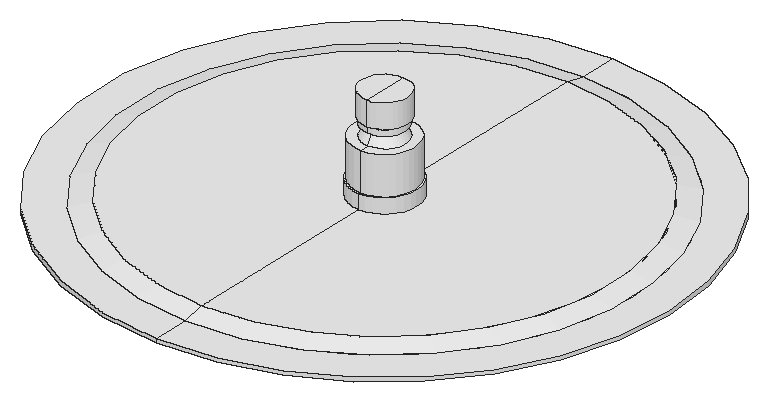
Revit family "ShowerHead-18Lmin-Vitra-LiteLSSeries-A45674", category Plumbing Fixtures, Revit 2017 (continued)
Automatic sketch dimensions
  Extrusion 108 sketch curve to plane 5 = 66.447 mm
  Extrusion 109 sketch curve to plane 1 "Center (Front/Back)" = 51.05 mm
  Extrusion 109 sketch curve to plane 5 = 56.241 mm
  Extrusion 110 sketch curve to plane 1 "Center (Front/Back)" = 34.938 mm
  Extrusion 110 sketch curve to plane 5 = 48.718 mm
  Extrusion 111 sketch curve to plane 1 "Center (Front/Back)" = 17.764 mm
  Extrusion 111 sketch curve to plane 5 = 44.107 mm
  Extrusion 112 sketch curve to plane 1 "Center (Front/Back)" = 0.05 mm
  Extrusion 112 sketch curve to plane 5 = 42.548 mm
  plane 1 "Center (Front/Back)" to Extrusion 113 sketch curve = 17.666 mm
  Extrusion 113 sketch curve to plane 5 = 44.09 mm
  plane 1 "Center (Front/Back)" to Extrusion 114 sketch curve = 34.844 mm
  Extrusion 114 sketch curve to plane 5 = 48.684 mm
  plane 1 "Center (Front/Back)" to Extrusion 115 sketch curve = 50.964 mm
  Extrusion 115 sketch curve to plane 5 = 56.191 mm
  plane 1 "Center (Front/Back)" to Extrusion 116 sketch curve = 65.536 mm
  Extrusion 116 sketch curve to plane 5 = 66.383 mm
  Extrusion 117 sketch curve to plane 3 "Center (Left/Right)" = 65.612 mm
  plane 8 to Extrusion 117 sketch curve = 71.884 mm
  Extrusion 118 sketch curve to plane 3 "Center (Left/Right)" = 51.05 mm
  plane 8 to Extrusion 118 sketch curve = 61.678 mm
  Extrusion 119 sketch curve to plane 3 "Center (Left/Right)" = 34.938 mm
  plane 8 to Extrusion 119 sketch curve = 54.155 mm
  Extrusion 120 sketch curve to plane 3 "Center (Left/Right)" = 17.764 mm
  plane 8 to Extrusion 120 sketch curve = 49.544 mm
  Extrusion 121 sketch curve to plane 3 "Center (Left/Right)" = 0.05 mm
  plane 8 to Extrusion 121 sketch curve = 47.985 mm
  plane 3 "Center (Left/Right)" to Extrusion 122 sketch curve = 17.666 mm
  plane 8 to Extrusion 122 sketch curve = 49.527 mm
  plane 3 "Center (Left/Right)" to Extrusion 123 sketch curve = 34.844 mm
  plane 8 to Extrusion 123 sketch curve = 54.121 mm
  plane 3 "Center (Left/Right)" to Extrusion 124 sketch curve = 50.964 mm
  plane 8 to Extrusion 124 sketch curve = 61.628 mm
  plane 3 "Center (Left/Right)" to Extrusion 125 sketch curve = 65.536 mm
  plane 8 to Extrusion 125 sketch curve = 71.82 mm
  plane 1 "Center (Front/Back)" to Extrusion 126 sketch curve = 65.612 mm
  plane 6 to Extrusion 126 sketch curve = 77.321 mm
  plane 1 "Center (Front/Back)" to Extrusion 127 sketch curve = 51.05 mm
  plane 6 to Extrusion 127 sketch curve = 67.115 mm
  plane 1 "Center (Front/Back)" to Extrusion 128 sketch curve = 34.938 mm
  plane 6 to Extrusion 128 sketch curve = 59.592 mm
  Extrusion 129 sketch curve to plane 1 "Center (Front/Back)" = 8.831 mm
  plane 6 to Extrusion 129 sketch curve = 36.786 mm
  plane 1 "Center (Front/Back)" to Extrusion 130 sketch curve = 8.951 mm
  plane 6 to Extrusion 130 sketch curve = 36.795 mm
  Extrusion 131 sketch curve to plane 1 "Center (Front/Back)" = 26.417 mm
  plane 6 to Extrusion 131 sketch curve = 39.427 mm
  Extrusion 132 sketch curve to plane 1 "Center (Front/Back)" = 43.412 mm
  plane 6 to Extrusion 132 sketch curve = 44.66 mm
  plane 6 to Extrusion 133 sketch curve = 52.368 mm
  Extrusion 133 sketch curve to plane 1 "Center (Front/Back)" = 59.438 mm
  plane 6 to Extrusion 134 sketch curve = 62.378 mm
  Extrusion 134 sketch curve to plane 1 "Center (Front/Back)" = 74.135 mm
  Extrusion 135 sketch curve to plane 7 = 62.823 mm
  plane 6 to Extrusion 135 sketch curve = 74.466 mm
  Extrusion 136 sketch curve to plane 7 = 51.729 mm
  plane 3 "Center (Left/Right)" to Extrusion 136 sketch curve = 67.073 mm
  Extrusion 137 sketch curve to plane 7 = 42.829 mm
  plane 3 "Center (Left/Right)" to Extrusion 137 sketch curve = 51.677 mm
  plane 3 "Center (Left/Right)" to Extrusion 138 sketch curve = 35.127 mm
  Extrusion 138 sketch curve to plane 7 = 36.324 mm
  plane 3 "Center (Left/Right)" to Extrusion 139 sketch curve = 17.792 mm
  Extrusion 139 sketch curve to plane 7 = 32.359 mm
  plane 3 "Center (Left/Right)" to Extrusion 140 sketch curve = 0.06 mm
  Extrusion 140 sketch curve to plane 7 = 31.021 mm
  Extrusion 141 sketch curve to plane 3 "Center (Left/Right)" = 17.673 mm
  Extrusion 141 sketch curve to plane 7 = 32.341 mm
  Extrusion 142 sketch curve to plane 3 "Center (Left/Right)" = 35.012 mm
  Extrusion 142 sketch curve to plane 7 = 36.289 mm
  Extrusion 143 sketch curve to plane 7 = 42.777 mm
  Extrusion 143 sketch curve to plane 3 "Center (Left/Right)" = 51.569 mm
  Extrusion 144 sketch curve to plane 7 = 51.661 mm
  Extrusion 144 sketch curve to plane 3 "Center (Left/Right)" = 66.974 mm
  Extrusion 145 sketch curve to plane 7 = 62.741 mm
  Extrusion 145 sketch curve to plane 5 = 63.681 mm
  Extrusion 146 sketch curve to plane 5 = 51.579 mm
  Extrusion 146 sketch curve to plane 1 "Center (Front/Back)" = 74.229 mm
  Extrusion 147 sketch curve to plane 5 = 41.554 mm
  Extrusion 147 sketch curve to plane 1 "Center (Front/Back)" = 59.542 mm
  Extrusion 148 sketch curve to plane 5 = 33.83 mm
  Extrusion 148 sketch curve to plane 1 "Center (Front/Back)" = 43.524 mm
  Extrusion 149 sketch curve to plane 1 "Center (Front/Back)" = 26.534 mm
  Extrusion 149 sketch curve to plane 5 = 28.58 mm
  Extrusion 150 sketch curve to plane 1 "Center (Front/Back)" = 8.951 mm
  Extrusion 150 sketch curve to plane 5 = 25.921 mm
  plane 1 "Center (Front/Back)" to Extrusion 151 sketch curve = 8.831 mm
  Extrusion 151 sketch curve to plane 5 = 25.912 mm
  plane 1 "Center (Front/Back)" to Extrusion 152 sketch curve = 26.417 mm
  Extrusion 152 sketch curve to plane 5 = 28.553 mm
  Extrusion 153 sketch curve to plane 5 = 33.786 mm
  plane 1 "Center (Front/Back)" to Extrusion 153 sketch curve = 43.412 mm
  Extrusion 154 sketch curve to plane 5 = 41.494 mm
  plane 1 "Center (Front/Back)" to Extrusion 154 sketch curve = 59.438 mm
  Extrusion 155 sketch curve to plane 5 = 51.504 mm
  plane 1 "Center (Front/Back)" to Extrusion 155 sketch curve = 74.135 mm
  plane 8 to Extrusion 156 sketch curve = 62.823 mm
  Extrusion 156 sketch curve to plane 5 = 63.592 mm
  plane 8 to Extrusion 157 sketch curve = 51.729 mm
  Extrusion 157 sketch curve to plane 3 "Center (Left/Right)" = 67.073 mm
  plane 8 to Extrusion 158 sketch curve = 42.829 mm
  Extrusion 158 sketch curve to plane 3 "Center (Left/Right)" = 51.677 mm
  Extrusion 159 sketch curve to plane 3 "Center (Left/Right)" = 35.127 mm
  plane 8 to Extrusion 159 sketch curve = 36.324 mm
  Extrusion 160 sketch curve to plane 3 "Center (Left/Right)" = 17.792 mm
  plane 8 to Extrusion 160 sketch curve = 32.359 mm
  Extrusion 161 sketch curve to plane 3 "Center (Left/Right)" = 0.06 mm
  plane 8 to Extrusion 161 sketch curve = 31.021 mm
  plane 3 "Center (Left/Right)" to Extrusion 162 sketch curve = 17.673 mm
  plane 8 to Extrusion 162 sketch curve = 32.341 mm
  plane 3 "Center (Left/Right)" to Extrusion 163 sketch curve = 35.012 mm
  plane 8 to Extrusion 163 sketch curve = 36.289 mm
  plane 8 to Extrusion 164 sketch curve = 42.777 mm
  plane 3 "Center (Left/Right)" to Extrusion 164 sketch curve = 51.569 mm
  plane 8 to Extrusion 165 sketch curve = 51.661 mm
  plane 3 "Center (Left/Right)" to Extrusion 165 sketch curve = 66.974 mm
  plane 8 to Extrusion 166 sketch curve = 62.741 mm
  plane 6 to Extrusion 166 sketch curve = 74.555 mm
  plane 6 to Extrusion 167 sketch curve = 62.453 mm
  plane 1 "Center (Front/Back)" to Extrusion 167 sketch curve = 74.229 mm
  plane 6 to Extrusion 168 sketch curve = 52.428 mm
  plane 1 "Center (Front/Back)" to Extrusion 168 sketch curve = 59.542 mm
  plane 1 "Center (Front/Back)" to Extrusion 169 sketch curve = 43.524 mm
  plane 6 to Extrusion 169 sketch curve = 44.704 mm
  plane 1 "Center (Front/Back)" to Extrusion 170 sketch curve = 26.534 mm
  plane 6 to Extrusion 170 sketch curve = 39.454 mm
  plane 1 "Center (Front/Back)" to Extrusion 171 sketch curve = 0 mm
  Extrusion 171 sketch curve to plane 3 "Center (Left/Right)" = 0 mm
  radius of Extrusion 2 sketch curve = 4.013 mm
  radius of Extrusion 3 sketch curve = 4.013 mm
  radius of Extrusion 4 sketch curve = 4.013 mm
  radius of Extrusion 5 sketch curve = 4.013 mm
  radius of Extrusion 6 sketch curve = 4.013 mm
  radius of Extrusion 7 sketch curve = 4.013 mm
  radius of Extrusion 8 sketch curve = 4.013 mm
  radius of Extrusion 9 sketch curve = 4.013 mm
  radius of Extrusion 10 sketch curve = 4.013 mm
  radius of Extrusion 11 sketch curve = 4.013 mm
  radius of Extrusion 12 sketch curve = 4.013 mm
  radius of Extrusion 13 sketch curve = 4.013 mm
  radius of Extrusion 14 sketch curve = 4.013 mm
  radius of Extrusion 15 sketch curve = 4.013 mm
  radius of Extrusion 16 sketch curve = 4.013 mm
  radius of Extrusion 17 sketch curve = 4.013 mm
  radius of Extrusion 18 sketch curve = 4.013 mm
  radius of Extrusion 19 sketch curve = 4.013 mm
  radius of Extrusion 20 sketch curve = 4.013 mm
  radius of Extrusion 21 sketch curve = 4.013 mm
  radius of Extrusion 22 sketch curve = 4.013 mm
  radius of Extrusion 23 sketch curve = 4.013 mm
  radius of Extrusion 24 sketch curve = 4.013 mm
  radius of Extrusion 25 sketch curve = 4.013 mm
  radius of Extrusion 26 sketch curve = 4.013 mm
  radius of Extrusion 27 sketch curve = 4.013 mm
  radius of Extrusion 28 sketch curve = 4.013 mm
  radius of Extrusion 29 sketch curve = 4.013 mm
  radius of Extrusion 30 sketch curve = 4.013 mm
  radius of Extrusion 31 sketch curve = 4.013 mm
  radius of Extrusion 32 sketch curve = 4.013 mm
  radius of Extrusion 33 sketch curve = 4.013 mm
  radius of Extrusion 34 sketch curve = 4.013 mm
  radius of Extrusion 35 sketch curve = 4.013 mm
  radius of Extrusion 36 sketch curve = 4.013 mm
  radius of Extrusion 37 sketch curve = 4.013 mm
  radius of Extrusion 38 sketch curve = 4.013 mm
  radius of Extrusion 39 sketch curve = 4.013 mm
  radius of Extrusion 40 sketch curve = 4.013 mm
  radius of Extrusion 41 sketch curve = 4.013 mm
  radius of Extrusion 42 sketch curve = 4.013 mm
  radius of Extrusion 43 sketch curve = 4.013 mm
  radius of Extrusion 44 sketch curve = 4.013 mm
  radius of Extrusion 45 sketch curve = 4.013 mm
  radius of Extrusion 46 sketch curve = 4.013 mm
  radius of Extrusion 47 sketch curve = 4.013 mm
  radius of Extrusion 48 sketch curve = 4.013 mm
  radius of Extrusion 49 sketch curve = 4.013 mm
  radius of Extrusion 50 sketch curve = 4.013 mm
  radius of Extrusion 51 sketch curve = 4.013 mm
  radius of Extrusion 52 sketch curve = 4.013 mm
  radius of Extrusion 53 sketch curve = 4.013 mm
  radius of Extrusion 54 sketch curve = 4.013 mm
  radius of Extrusion 55 sketch curve = 4.013 mm
  radius of Extrusion 56 sketch curve = 4.013 mm
  radius of Extrusion 57 sketch curve = 4.013 mm
  radius of Extrusion 58 sketch curve = 4.013 mm
  radius of Extrusion 59 sketch curve = 4.013 mm
  radius of Extrusion 60 sketch curve = 4.013 mm
  radius of Extrusion 61 sketch curve = 4.013 mm
  radius of Extrusion 62 sketch curve = 4.013 mm
  radius of Extrusion 63 sketch curve = 4.013 mm
  radius of Extrusion 64 sketch curve = 4.013 mm
  radius of Extrusion 65 sketch curve = 4.013 mm
  radius of Extrusion 66 sketch curve = 4.013 mm
  radius of Extrusion 67 sketch curve = 4.013 mm
  radius of Extrusion 68 sketch curve = 4.013 mm
  radius of Extrusion 69 sketch curve = 4.013 mm
  radius of Extrusion 70 sketch curve = 4.013 mm
  radius of Extrusion 71 sketch curve = 4.013 mm
  radius of Extrusion 72 sketch curve = 4.013 mm
  radius of Extrusion 73 sketch curve = 4.013 mm
  radius of Extrusion 74 sketch curve = 4.013 mm
  radius of Extrusion 75 sketch curve = 4.013 mm
  radius of Extrusion 76 sketch curve = 4.013 mm
  radius of Extrusion 77 sketch curve = 4.013 mm
  radius of Extrusion 78 sketch curve = 4.013 mm
  radius of Extrusion 79 sketch curve = 4.013 mm
  radius of Extrusion 80 sketch curve = 4.013 mm
  radius of Extrusion 81 sketch curve = 4.013 mm
  radius of Extrusion 82 sketch curve = 4.013 mm
  radius of Extrusion 83 sketch curve = 4.013 mm
  radius of Extrusion 84 sketch curve = 4.013 mm
  radius of Extrusion 85 sketch curve = 4.013 mm
  radius of Extrusion 86 sketch curve = 4.013 mm
  radius of Extrusion 87 sketch curve = 4.013 mm
  radius of Extrusion 88 sketch curve = 4.013 mm
  radius of Extrusion 89 sketch curve = 4.013 mm
  radius of Extrusion 90 sketch curve = 4.013 mm
  radius of Extrusion 91 sketch curve = 4.013 mm
  radius of Extrusion 92 sketch curve = 4.013 mm
  radius of Extrusion 93 sketch curve = 4.013 mm
  radius of Extrusion 94 sketch curve = 4.013 mm
  radius of Extrusion 95 sketch curve = 4.013 mm
  radius of Extrusion 96 sketch curve = 4.013 mm
  radius of Extrusion 97 sketch curve = 4.013 mm
  radius of Extrusion 98 sketch curve = 4.013 mm
  radius of Extrusion 99 sketch curve = 4.013 mm
  radius of Extrusion 100 sketch curve = 4.013 mm
  radius of Extrusion 101 sketch curve = 4.013 mm
  radius of Extrusion 102 sketch curve = 4.013 mm
  radius of Extrusion 103 sketch curve = 4.013 mm
  radius of Extrusion 104 sketch curve = 4.013 mm
  radius of Extrusion 105 sketch curve = 4.013 mm
  radius of Extrusion 106 sketch curve = 4.013 mm
  radius of Extrusion 107 sketch curve = 4.013 mm
  radius of Extrusion 108 sketch curve = 4.013 mm
  radius of Extrusion 109 sketch curve = 4.013 mm
  radius of Extrusion 110 sketch curve = 4.013 mm
  radius of Extrusion 111 sketch curve = 4.013 mm
  radius of Extrusion 112 sketch curve = 4.013 mm
  radius of Extrusion 113 sketch curve = 4.013 mm
  radius of Extrusion 114 sketch curve = 4.013 mm
  radius of Extrusion 115 sketch curve = 4.013 mm
  radius of Extrusion 116 sketch curve = 4.013 mm
  radius of Extrusion 117 sketch curve = 4.013 mm
  radius of Extrusion 118 sketch curve = 4.013 mm
  radius of Extrusion 119 sketch curve = 4.013 mm
  radius of Extrusion 120 sketch curve = 4.013 mm
  radius of Extrusion 121 sketch curve = 4.013 mm
  radius of Extrusion 122 sketch curve = 4.013 mm
  radius of Extrusion 123 sketch curve = 4.013 mm
  radius of Extrusion 124 sketch curve = 4.013 mm
  radius of Extrusion 125 sketch curve = 4.013 mm
  radius of Extrusion 126 sketch curve = 4.013 mm
  radius of Extrusion 127 sketch curve = 4.013 mm
  radius of Extrusion 128 sketch curve = 4.013 mm
  radius of Extrusion 129 sketch curve = 4.013 mm
  radius of Extrusion 130 sketch curve = 4.013 mm
  radius of Extrusion 131 sketch curve = 4.013 mm
  radius of Extrusion 132 sketch curve = 4.013 mm
  radius of Extrusion 133 sketch curve = 4.013 mm
  radius of Extrusion 134 sketch curve = 4.013 mm
  radius of Extrusion 135 sketch curve = 4.013 mm
  radius of Extrusion 136 sketch curve = 4.013 mm
  radius of Extrusion 137 sketch curve = 4.013 mm
  radius of Extrusion 138 sketch curve = 4.013 mm
  radius of Extrusion 139 sketch curve = 4.013 mm
  radius of Extrusion 140 sketch curve = 4.013 mm
  radius of Extrusion 141 sketch curve = 4.013 mm
  radius of Extrusion 142 sketch curve = 4.013 mm
  radius of Extrusion 143 sketch curve = 4.013 mm
  radius of Extrusion 144 sketch curve = 4.013 mm
  radius of Extrusion 145 sketch curve = 4.013 mm
  radius of Extrusion 146 sketch curve = 4.013 mm
  radius of Extrusion 147 sketch curve = 4.013 mm
  radius of Extrusion 148 sketch curve = 4.013 mm
  radius of Extrusion 149 sketch curve = 4.013 mm
  radius of Extrusion 150 sketch curve = 4.013 mm
  radius of Extrusion 151 sketch curve = 4.013 mm
  radius of Extrusion 152 sketch curve = 4.013 mm
  radius of Extrusion 153 sketch curve = 4.013 mm
  radius of Extrusion 154 sketch curve = 4.013 mm
  radius of Extrusion 155 sketch curve = 4.013 mm
  radius of Extrusion 156 sketch curve = 4.013 mm
  radius of Extrusion 157 sketch curve = 4.013 mm
  radius of Extrusion 158 sketch curve = 4.013 mm
  radius of Extrusion 159 sketch curve = 4.013 mm
  radius of Extrusion 160 sketch curve = 4.013 mm
  radius of Extrusion 161 sketch curve = 4.013 mm
  radius of Extrusion 162 sketch curve = 4.013 mm
  radius of Extrusion 163 sketch curve = 4.013 mm
  radius of Extrusion 164 sketch curve = 4.013 mm
  radius of Extrusion 165 sketch curve = 4.013 mm
  radius of Extrusion 166 sketch curve = 4.013 mm
  radius of Extrusion 167 sketch curve = 4.013 mm
  radius of Extrusion 168 sketch curve = 4.013 mm
  radius of Extrusion 169 sketch curve = 4.013 mm
  radius of Extrusion 170 sketch curve = 4.013 mm
  radius of Extrusion 171 sketch curve = 150 mm
Connectors
  piping at (0, 0, 0), diameter 15
    settings: on Revolve 1, index 1, connector inside diameter 609.6 mm, connector length 0 mm, flow factor 0, pipe flow 0.0 L/s, pressure drop 0.0 Pa, fitting loss kfactor 0, connector angle 0.00°, fixture units 0, engagement length 0 mm, angle of deflection 0.00°, flow configuration 0, flow direction 1, fitting loss method 0, system type 22, joint type 0, gender type 0, connector reference index -1, connector utility 0, adjustable connector no, is connector primary yes, connector description ""
Types (2, lengths in mm): name | Technical description | Product url | Product SKU | Model | Color | Coating Material | Article No. (default)
  ShowerHead-18Lmin-Vitra-LiteLSSeries-A45674 | "https://www.vitra.com.tr/pdf/A45674/" | "https://www.vitra.com.tr/dus-sistemleri/dus-basliklari/dus-basliklari/lite-lc-dus-basligi-sku-A45674/" | "A45674" | "A45674" | "Chrome" | Chrome | "A45674"
  ShowerHead-18Lmin-Vitra-LiteLSSeries-A4567423 | "https://www.vitra.com.tr/pdf/A4567423/" | "https://www.vitra.com.tr/dus-sistemleri/dus-basliklari/dus-basliklari/lite-lc-dus-basligi-sku-A4567423/" | "A4567423" | "A4567423" | "Gold" | Gold | "A4567423"
